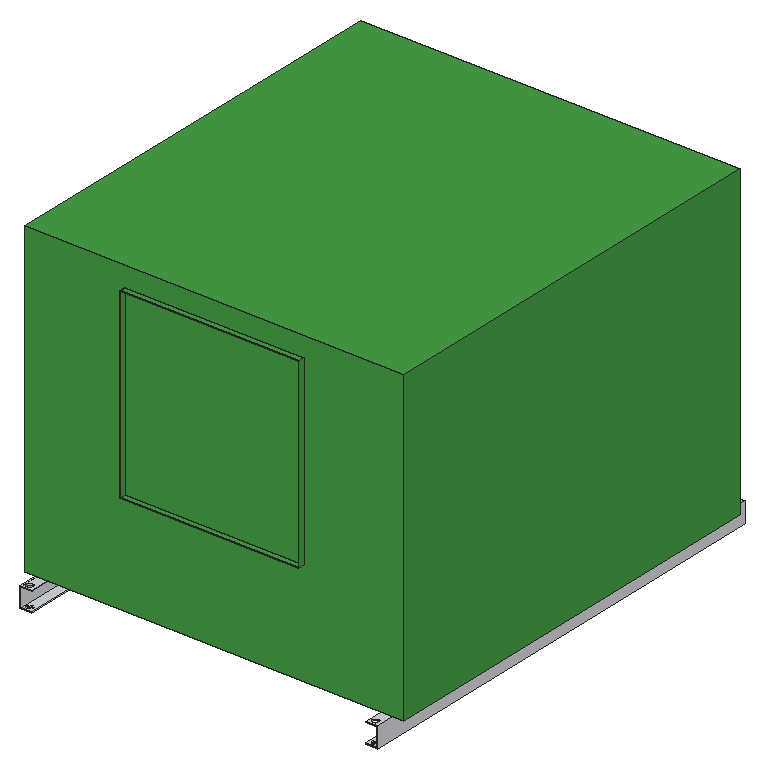
Revit family "BVFC gran", category Modelos genéricos, Revit 2017
Family settings
  Puede alojar armadura = No
  Cota de conector redondo = Diámetro de uso
  Tipo de pieza = Normal
  Se basa en plano de trabajo = No
  Siempre vertical = Sí
  Corte con vacíos al cargar = No
  Compartido = No
  Punto de cálculo de habitación = No
Parameters (values of type "BVFC 30/28")
  esp = 1.5 mm
  b = 26 mm
  a = 10 mm
  URL = "www.casals.com"
  T = (B - H) / 2  # 52.25 mm
  Q = 60 mm
  P = 524 mm
  O = 99.5 mm
  N = 100 mm
  M = 1795 mm
  K = 2304 mm
  H = 1452 mm
  G = 1800 mm
  Fabricante = "Casals Ventilació"
  F = 30 mm
  EspPeu = 3 mm
  E = B - O - P  # 933 mm
  Dimensiones = "1906x1656,5x2304"
  Dext [instance] = 898 mm
  C = 1906 mm
  B = 1556.5 mm
  A = 2108 mm
Types (5, lengths in mm): name | P | O | M | K | H | G | E | Dimensiones | Dext | C | B | A
  (no name) | 524 | 99.5 | 1795 | 2304 | 1452 | 1800 | 933 | "1906x1656,5x2304" | 898 | 1906 | 1556.5 | 2108
  BVFC 20/20 | 406.5 | 100.5 | 1295 | 1697 | 1013 | 1300 | 610.5 | "1406x1217,5x1697" | 608 | 1406 | 1117.5 | 1551
  BVFC 22/22 | 406 | 99 | 1388 | 1997 | 1097 | 1393 | 696.5 | "1499x1301,5x1997" | 658.5 | 1499 | 1201.5 | 1801
  BVFC 25/25 | 432.5 | 101 | 1598 | 2048 | 1222 | 1603 | 793 | "1709x1426,5x2097" | 772 | 1709 | 1326.5 | 1901
  BVFC 30/28 | 524 | 99.5 | 1795 | 2304 | 1452 | 1800 | 933 | "1906x1656,5x2304" | 898 | 1906 | 1556.5 | 2108
Reference planes
  plane 1 "Centro (Frontal/Posterior)": y = 0
  plane 2: z = -23
  plane 3 "Centro (Izquierda/Derecha)": x = 0
  plane 4: z = 77
  plane 5: z = 1633.5
  plane 6: x = -953
  plane 7: x = 953
  plane 8: y = -1054
  plane 9: y = 1054
  plane 10: x = -449
  plane 11: x = 449
  plane 12: z = 1534
  plane 13: z = 601
  plane 14: x = -85.03
  plane 15: x = 85.03
  plane 16: y = -1084
  plane 17: z = 1532.5
  plane 18: z = 602.5
  plane 19: x = -447.5
  plane 20: x = 447.5
  plane 21: y = -1152
  plane 22: y = 1152
  plane 23: y = 1024
  plane 24: y = -688
  plane 25: x = -897.5
  plane 26: x = 897.5
  plane 27: x = -452.573
  plane 28: z = 40.13
  plane 29: z = 3.062
  plane 30: x = -392.573
  plane 31: x = 894.5
  plane 32: z = -20
  plane 33: z = 74
  plane 34: x = 837.5
  plane 35: x = -894.5
  plane 36: z = 74
  plane 37: z = -20
  plane 38: x = -837.5
  plane 39: z = 1581.25
  plane 40: z = 129.25
  plane 41: x = 900
  plane 42: x = -900
  plane 43: y = 1127.5
  plane 44: y = -1127.5
  plane 45: x = -867.5
  plane 46: x = 657.5
  plane 47: x = -617.5
  plane 48: y = 824
  plane 49: x = -617.5
  plane 50: y = -824
  plane 51: y = -1122.5
  plane 52: y = -1132.5
  plane 53: x = 862.5
  plane 54: x = 452.5
  plane 55: y = -1114.5
  plane 56: y = -1140.5
  plane 57: x = 854.5
  plane 58: x = 460.5
  plane 59: x = 867.5
  plane 60: x = 867.5
  plane 61: y = 1132.5
  plane 62: y = 1122.5
  plane 63: y = 1140.5
  plane 64: y = 1114.5
  plane 65: x = -872.5
  plane 66: x = -862.5
  plane 67: x = -854.5
  plane 68: x = -880.5
  plane 69: x = -669
  plane 70: x = -862.5
  plane 71: y = -1122.5
  plane 72: y = -1132.5
  plane 73: y = -1114.5
  plane 74: y = -1140.5
  plane 75: x = -872.5
  plane 76: x = -854.5
  plane 77: x = -880.5
  plane 78: x = 862.5
  plane 79: x = 872.5
  plane 80: y = 1132.5
  plane 81: y = 1122.5
  plane 82: y = 1140.5
  plane 83: y = 1114.5
  plane 84: x = 854.5
  plane 85: x = 880.5
Forms (mm)
  Extrusion 1, solid, material "Cubierta por defecto"
    sketch origin (0, 0, 0) x (1, 0, 0) y (0, 0, 1)
      loop
        line (-953, 1633.5) -> (-953, 77) -> (953, 77) -> (953, 1633.5) -> (-953, 1633.5)
    from -1054 to 1054
  Extrusion 2, solid, material "Cubierta por defecto"
    sketch origin (0, 0, 0) x (1, 0, 0) y (0, 0, 1)
      loop
        line (-449, 1534) -> (-449, 601) -> (449, 601) -> (449, 1534) -> (-449, 1534)
      loop
        line (-447.5, 1532.5) -> (-447.5, 602.5) -> (447.5, 602.5) -> (447.5, 1532.5) -> (-447.5, 1532.5)
    from 1054 to 1084
  Extrusion 3, solid
    sketch origin (0, 0, -4.42) x (1, 0, 0) y (0, 0, 1)
      loop
        line (837.5, 78.42) -> (894.5, 78.42) -> (894.5, -15.58) -> (837.5, -15.58) -> (837.5, -18.58) -> (897.5, -18.58) -> (897.5, 81.42) -> (837.5, 81.42) -> (837.5, 78.42)
    from -1152 to 1152
  Extrusion 4, solid
    sketch origin (0, 0, 0) x (1, 0, 0) y (0, 0, 1)
      loop
        line (-894.5, 74) -> (-837.5, 74) -> (-837.5, 77) -> (-897.5, 77) -> (-897.5, -23) -> (-837.5, -23) -> (-837.5, -20) -> (-894.5, -20) -> (-894.5, 74)
    from -1152 to 1152
  Extrusion 5, void
    sketch origin (0, 0, 0) x (1, 0, 0) y (0, 0, 1)
      loop
        line (900, 1581.25) -> (-900, 1581.25) -> (-900, 129.25) -> (900, 129.25) -> (900, 1581.25)
    from -1054 to -1024
  Extrusion 6, void
    sketch origin (-2072.5, 0, 77) x (0, -1, 0) y (-1, 0, 0)
      loop
        circle (-1127.5, -1205) r 16
    from 3 to 0
  Extrusion 7, void
    sketch origin (-2072.5, -1648, 77) x (0, -1, 0) y (-1, 0, 0)
      loop
        circle (-520.5, -1205) r 16
    from 0 to 3
  Extrusion 8, void
    sketch origin (894.5, 0, -20) x (0, -1, 0) y (-1, 0, 0)
      loop
        arc (1114.5, 32) -> (1109.5, 27) -> (1114.5, 22) r 5
        line (1114.5, 22) -> (1122.5, 22) -> (1122.5, 14)
        arc (1122.5, 14) -> (1127.5, 9) -> (1132.5, 14) r 5
        line (1132.5, 14) -> (1132.5, 22) -> (1140.5, 22)
        arc (1140.5, 22) -> (1145.5, 27) -> (1140.5, 32) r 5
        line (1140.5, 32) -> (1132.5, 32) -> (1132.5, 40)
        arc (1132.5, 40) -> (1127.5, 45) -> (1122.5, 40) r 5
        line (1122.5, 40) -> (1122.5, 32) -> (1114.5, 32)
    from 0 to 3
  Extrusion 9, void
    sketch origin (897.5, 0, 77) x (0, -1, 0) y (-1, 0, 0)
      loop
        circle (-1127.5, 30) r 16
    from 0 to 3
  Extrusion 10, void
    sketch origin (-837.5, 0, -20) x (0, -1, 0) y (-1, 0, 0)
      loop
        arc (-1140.5, 35) -> (-1145.5, 30) -> (-1140.5, 25) r 5
        line (-1140.5, 25) -> (-1132.5, 25) -> (-1132.5, 17)
        arc (-1132.5, 17) -> (-1127.5, 12) -> (-1122.5, 17) r 5
        line (-1122.5, 17) -> (-1122.5, 25) -> (-1114.5, 25)
        arc (-1114.5, 25) -> (-1109.5, 30) -> (-1114.5, 35) r 5
        line (-1114.5, 35) -> (-1122.5, 35) -> (-1122.5, 43)
        arc (-1122.5, 43) -> (-1127.5, 48) -> (-1132.5, 43) r 5
        line (-1132.5, 43) -> (-1132.5, 35) -> (-1140.5, 35)
    from 0 to 250
  Extrusion 11, void
    sketch origin (-837.5, 0, -20) x (0, -1, 0) y (-1, 0, 0)
      loop
        arc (1114.5, 35) -> (1109.5, 30) -> (1114.5, 25) r 5
        line (1114.5, 25) -> (1122.5, 25) -> (1122.5, 17)
        arc (1122.5, 17) -> (1127.5, 12) -> (1132.5, 17) r 5
        line (1132.5, 17) -> (1132.5, 25) -> (1140.5, 25)
        arc (1140.5, 25) -> (1145.5, 30) -> (1140.5, 35) r 5
        line (1140.5, 35) -> (1132.5, 35) -> (1132.5, 43)
        arc (1132.5, 43) -> (1127.5, 48) -> (1122.5, 43) r 5
        line (1122.5, 43) -> (1122.5, 35) -> (1114.5, 35)
    from 0 to 3
  Extrusion 12, void
    sketch origin (0, 0, -23) x (1, 0, 0) y (0, 1, 0)
      loop
        arc (872.5, 1140.5) -> (867.5, 1145.5) -> (862.5, 1140.5) r 5
        line (862.5, 1140.5) -> (862.5, 1132.5) -> (854.5, 1132.5)
        arc (854.5, 1132.5) -> (849.5, 1127.5) -> (854.5, 1122.5) r 5
        line (854.5, 1122.5) -> (862.5, 1122.5) -> (862.5, 1114.5)
        arc (862.5, 1114.5) -> (867.5, 1109.5) -> (872.5, 1114.5) r 5
        line (872.5, 1114.5) -> (872.5, 1122.5) -> (880.5, 1122.5)
        arc (880.5, 1122.5) -> (885.5, 1127.5) -> (880.5, 1132.5) r 5
        line (880.5, 1132.5) -> (872.5, 1132.5) -> (872.5, 1140.5)
    from 0 to 3
  Extrusion 13, void
    sketch origin (897.5, 0, 77) x (0, -1, 0) y (-1, 0, 0)
      loop
        circle (1127.5, 30) r 16
    from 0 to 3
Cuts and joins
  Extrusion 5 cuts Extrusion 1
  Extrusion 6, Extrusion 8, Extrusion 9, Extrusion 12, Extrusion 13 cuts Extrusion 3
  Extrusion 6, Extrusion 7, Extrusion 10, Extrusion 11 cuts Extrusion 4
Dimensions and locks
  equal spacing: plane 7, plane 3 "Centro (Izquierda/Derecha)", plane 6
  "C": plane 7 to plane 6
  "N": plane 4 to level
  "B": plane 5 to plane 4
  equal spacing: plane 11, plane 3 "Centro (Izquierda/Derecha)", plane 10
  "Dext": plane 11 to plane 10
  "O": plane 5 to plane 12
  "P": plane 13 to plane 4
  equal spacing: plane 8, plane 1 "Centro (Frontal/Posterior)", plane 9
  "A": plane 8 to plane 9
  "F": plane 16 to plane 8
  "esp": plane 19 to plane 10
  "esp": plane 11 to plane 20
  "esp": plane 12 to plane 17
  "esp": plane 18 to plane 13
  equal spacing: plane 21, plane 1 "Centro (Frontal/Posterior)", plane 22
  "K": plane 21 to plane 22
  equal spacing: plane 26, plane 3 "Centro (Izquierda/Derecha)", plane 25
  "EspPeu": plane 4 to plane 33
  "EspPeu": plane 32 to plane 2
  "EspPeu": plane 26 to plane 31
  "Q": plane 26 to plane 34
  "M": plane 26 to plane 25
  "EspPeu": plane 35 to plane 25
  "EspPeu": plane 37 to plane 2
  "EspPeu": plane 4 to plane 36
  "Q": plane 38 to plane 25
  "N": level to Extrusion 4
  equal spacing: plane 42, plane 3 "Centro (Izquierda/Derecha)", plane 41
  "T": plane 39 to plane 5
  "T": plane 4 to plane 40
  "G": plane 42 to plane 41
  locked: plane 22 to plane 43 at 24.5
  locked: plane 44 to plane 21 at 24.5
  locked: plane 25 to plane 45 at 30
  plane 46 to plane 26 = 240 mm
  equal spacing: plane 54, plane 46, plane 53
  equal spacing: plane 51, plane 44, plane 52
  plane 54 to plane 53 = 410 mm
  "a": plane 51 to plane 52
  equal spacing: plane 55, plane 44, plane 56
  equal spacing: plane 58, plane 46, plane 57
  plane 58 to plane 57 = 394 mm
  "b": plane 55 to plane 56
  plane 59 to plane 26 = 30 mm
  plane 60 to plane 26 = 30 mm
  equal spacing: plane 65, plane 45, plane 66
  equal spacing: plane 61, plane 43, plane 62
  equal spacing: plane 68, plane 45, plane 67
  equal spacing: plane 63, plane 43, plane 64
  "a": plane 65 to plane 66
  "a": plane 61 to plane 62
  "b": plane 68 to plane 67
  "b": plane 63 to plane 64
  locked: plane 23 to plane 9 at 30
  equal spacing: plane 71, plane 44, plane 72
  equal spacing: plane 75, plane 45, plane 70
  equal spacing: plane 73, plane 44, plane 74
  "a": plane 75 to plane 70
  "a": plane 71 to plane 72
  "b": plane 73 to plane 74
  equal spacing: plane 77, plane 45, plane 76
  "b": plane 77 to plane 76
  equal spacing: plane 78, plane 59, plane 79
  equal spacing: plane 80, plane 43, plane 81
  equal spacing: plane 82, plane 43, plane 83
  equal spacing: plane 84, plane 59, plane 85
  "a": plane 78 to plane 79
  "b": plane 84 to plane 85
  "a": plane 80 to plane 81
  "b": plane 82 to plane 83
  aligned and locked: plane 2 to level
  aligned and locked: Extrusion 1 sketch curve to plane 5
  aligned and locked: plane 4 to Extrusion 1 sketch curve
  aligned and locked: Extrusion 1 sketch curve to plane 7
  aligned and locked: plane 9 to Extrusion 1
  aligned and locked: Extrusion 2 sketch curve to plane 10
  aligned and locked: Extrusion 2 sketch curve to plane 11
  aligned and locked: Extrusion 2 to plane 16
  aligned and locked: Extrusion 2 to Extrusion 1
  aligned and locked: Extrusion 1 to plane 8
  aligned and locked: Extrusion 2 sketch curve to plane 17
  aligned and locked: Extrusion 2 sketch curve to plane 18
  aligned and locked: Extrusion 2 sketch curve to plane 20
  aligned and locked: plane 19 to Extrusion 2 sketch curve
  aligned and locked: Extrusion 3 sketch curve to plane 32
  aligned and locked: plane 33 to Extrusion 3 sketch curve
  aligned and locked: Extrusion 3 to plane 21
  aligned and locked: Extrusion 4 to plane 21
  aligned and locked: plane 22 to Extrusion 3
  aligned and locked: plane 4 to Extrusion 3 sketch curve
  aligned and locked: Extrusion 3 sketch curve to plane 2
  aligned and locked: plane 39 to Extrusion 5 sketch curve
  aligned and locked: Extrusion 5 sketch curve to plane 41
  aligned and locked: Extrusion 5 sketch curve to plane 40
  aligned and locked: Extrusion 5 sketch curve to plane 42
  aligned and locked: Extrusion 1 to Extrusion 5
  aligned and locked: Extrusion 5 to plane 23
  aligned and locked: plane 22 to Extrusion 4
  aligned and locked: plane 4 to Extrusion 6
  aligned and locked: Extrusion 3 to Extrusion 6
  aligned and locked: Extrusion 8 to level
  aligned and locked: Extrusion 3 to Extrusion 9
  aligned and locked: Extrusion 11 to level
  aligned and locked: Extrusion 3 to Extrusion 12
  aligned and locked: Extrusion 3 to Extrusion 13
Automatic sketch dimensions
  Extrusion 1 sketch curve to plane 6 = 0 mm
  Extrusion 4 to Extrusion 6 sketch curve = 24.5 mm
  Extrusion 4 to Extrusion 6 sketch curve = 30 mm
  Extrusion 4 to Extrusion 7 sketch curve = 24.5 mm
  Extrusion 4 to Extrusion 7 sketch curve = 30 mm
  Extrusion 3 to Extrusion 9 sketch curve = 24.5 mm
  Extrusion 3 to Extrusion 9 sketch curve = 30 mm
  Extrusion 3 to Extrusion 13 sketch curve = 24.5 mm
  Extrusion 3 to Extrusion 13 sketch curve = 30 mm
  plane 10 to Extrusion 2 sketch curve = 0 mm
  Extrusion 2 sketch curve to plane 13 = 0 mm
  Extrusion 2 sketch curve to plane 12 = 0 mm
  Extrusion 3 sketch curve to plane 34 = 0 mm  (x2)
  Extrusion 3 sketch curve to plane 31 = 0 mm
  Extrusion 3 sketch curve to plane 26 = 0 mm
  Extrusion 4 sketch curve to plane 4 = 0 mm
  Extrusion 4 sketch curve to plane 25 = 0 mm
  Extrusion 4 sketch curve to plane 35 = 0 mm
  Extrusion 4 sketch curve to plane 38 = 0 mm  (x2)
  Extrusion 4 sketch curve to level = 0 mm
  Extrusion 4 sketch curve to plane 37 = 0 mm
  Extrusion 4 sketch curve to plane 36 = 0 mm
  Extrusion 3 to Extrusion 8 sketch curve = 37.5 mm
  Extrusion 8 sketch curve to Extrusion 8 sketch curve = 8 mm  (x6)
  Extrusion 8 sketch curve to Extrusion 8 sketch curve = 5 mm  (x4)
  Extrusion 8 sketch curve to Extrusion 3 = 17 mm
  Extrusion 8 sketch curve to Extrusion 8 sketch curve = 0 mm  (x4)
  Extrusion 4 to Extrusion 10 sketch curve = 11.5 mm
  Extrusion 10 sketch curve to Extrusion 10 sketch curve = 8 mm  (x6)
  Extrusion 10 sketch curve to Extrusion 10 sketch curve = 5 mm  (x4)
  Extrusion 10 sketch curve to Extrusion 4 = 14 mm
  Extrusion 10 sketch curve to Extrusion 10 sketch curve = 0 mm  (x4)
  Extrusion 4 to Extrusion 11 sketch curve = 37.5 mm
  Extrusion 11 sketch curve to Extrusion 11 sketch curve = 8 mm  (x6)
  Extrusion 11 sketch curve to Extrusion 11 sketch curve = 5 mm  (x4)
  Extrusion 11 sketch curve to Extrusion 4 = 14 mm
  Extrusion 11 sketch curve to Extrusion 11 sketch curve = 0 mm  (x4)
  plane 81 to Extrusion 12 sketch curve = 0 mm
  Extrusion 12 sketch curve to plane 84 = 0 mm  (x2)
  plane 80 to Extrusion 12 sketch curve = 0 mm  (x2)
  Extrusion 12 sketch curve to plane 78 = 0 mm  (x2)
  Extrusion 12 sketch curve to plane 59 = 0 mm  (x2)
  plane 43 to Extrusion 12 sketch curve = 0 mm
  Extrusion 12 sketch curve to plane 85 = 0 mm  (x2)
  plane 83 to Extrusion 12 sketch curve = 0 mm  (x2)
  plane 82 to Extrusion 12 sketch curve = 0 mm  (x2)
  radius of Extrusion 6 sketch curve = 16 mm
  radius of Extrusion 7 sketch curve = 16 mm
  radius of Extrusion 9 sketch curve = 16 mm
  radius of Extrusion 13 sketch curve = 16 mm
Connectors
  hvac at (0, -1084, 1067.5), driven by "E", driven by "Dext"
    settings: on Extrusion 2, index 1, duct flow 0.0 L/s, flow factor 0, pres drop 0.0 Pa, loss coef 0, conn angle 0.00°, conn width 898 mm, conn height 933 mm, conn diameter 609.6 mm, duct sys type 1, conn prof type 1, flow config 0, flow direction 2, loss method 0, conn ref index -1, conn util no, is conn primary yes, conn desc ""
  hvac at (0, 1054, 855.25), driven by "H", driven by "G"
    settings: on cut or joined group of Extrusion 1, Extrusion 5, index 2, duct flow 0.0 L/s, flow factor 0, pres drop 0.0 Pa, loss coef 0, conn angle 0.00°, conn width 1800 mm, conn height 1452 mm, conn diameter 609.6 mm, duct sys type 1, conn prof type 1, flow config 0, flow direction 1, loss method 0, conn ref index -1, conn util no, is conn primary no, conn desc ""
